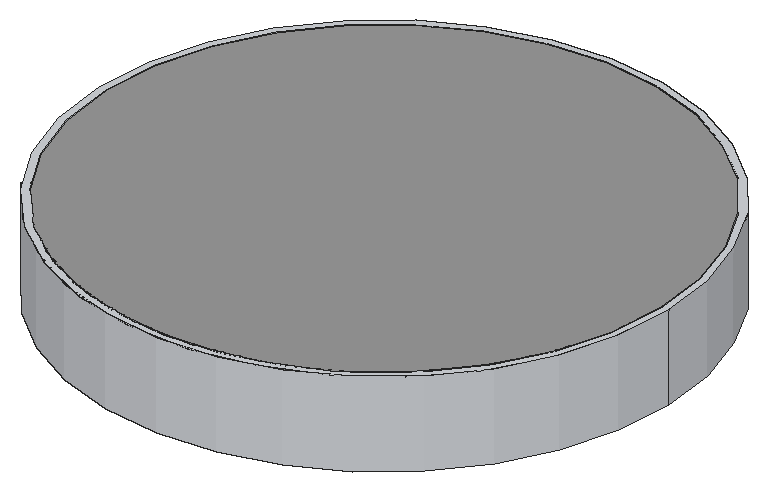
Revit family "2071136", category Lighting Fixtures, host Face, Revit 2018
Family settings
  Host = Face
  Round Connector Dimension = Use Diameter
  Part Type = Normal
  OmniClass Number = 23.80.70.00
  OmniClass Title = Lighting
  Cut with Voids When Loaded = No
  Light Source = Yes
  Shared = No
  Room Calculation Point = No
Parameters (values of type "2071136 COLOSSAL 400 830 PR DIR+H WHT")
  iner diameter = 390 mm
  Weight = "n/a"
  Wattage Comments = ""
  Wattage = 30 W
  WarrantyStartDate [instance] = "n/a"
  WarrantyGuarantorParts = "n/a"
  WarrantyDurationUnit = "n/a"
  WarrantyDurationParts = ""
  WarrantyDescription = "http://www.sylvania-lighting.com"
  built-in parameter 1150110 = 1 (stored number, unit not read)
  Voltage = 230 V
  URL = "0.93"
  TypeName = "COLOSSAL 400mm 830 PRISM DIR+HAL WHITE"
  Type Image = <None>
  Type Comments = "n/a"
  built-in parameter 1114217 = 1 (stored number, unit not read)
  Tilt Angle = -90.00°
  built-in parameter 1150109 = 1 (stored number, unit not read)
  built-in parameter 1150134 = (empty or 0)
  built-in parameter 1150113 = 1 (stored number, unit not read)
  SerialNumber [instance] = "n/a"
  Photometric Web File = "2071136.ies"
  Material_3_SYL = LED-Sylvania
  PowerFactor = 0
  PowerConsumption = "Lighting"
  NominalLength = 400 mm
  NominalHeight = 93 mm
  NominalDepth = 400 mm
  Name = "COLOSSAL 400mm 830 PRISM DIR+HAL WHITE"
  ModelReference = Name  # "COLOSSAL 400mm 830 PRISM DIR+HAL WHITE"
  ModelNumber = "2071136"
  Model = Name  # "COLOSSAL 400mm 830 PRISM DIR+HAL WHITE"
  Material = "Feilo Sylvania"
  ManufacturerName = "120 lm/W"
  Manufacturer = ""
  LuminousEfficacy = ""
  built-in parameter 1150105 = 270.44 (stored number, unit not read)
  Lumens = 3398.4 lm
  LuminaireType = "0"
  built-in parameter 1150115 = 1 (stored number, unit not read)
  LightOutputRatio = "LED"
  built-in parameter 1150137 = (empty or 0)
  built-in parameter 1150139 = (empty or 0)
  LampsType = Lamp  # "n/a"
  LampNominalLuminous = "3000 K"
  LampMacAdamStep = "80"
  LampColourTemperature = "LED"
  LampColourRenderingIndex = "16500"
  built-in parameter 1150112 = 1 (stored number, unit not read)
  built-in parameter 1150114 = 1 (stored number, unit not read)
  Lamp = "n/a"
  Keynote = "n/a"
  InstallationDate [instance] = "n/a"
  InputVoltage = "0"
  InputNominalFrequency = "3000"
  built-in parameter 1150132 = (empty or 0)
  built-in parameter 1150102 = (empty or 0)
  built-in parameter 1150107 = 3000 (stored number, unit not read)
  built-in parameter 1150138 = (empty or 0)
  IngressProtection = "IfcLightFixtureType"
  ImpactProtectionIndex = "IfcLightFixtureType"
  built-in parameter 1150106 = 2.7044 (stored number, unit not read)
  IfcExportType = "IfcLightFixtureType"
  IfcExportAs = "Class I"
  Emit from Circle Diameter = 385 mm
  Emit Shape Visible in Rendering = no
  ElectricShockClassification = "120"
  built-in parameter 1150104 = 10.524 (stored number, unit not read)
  DocumentationLiterature = "http://www.sylvania-lighting.com/product/en-int/products/2071136"
  DimmingControlOptions = "n/a"
  Material_2_SYL = Polycarbonate_Sylvania_White
  Dimming Lamp Color Temperature Shift = <None>
  Description = "400mm diameter circular architectural luminaire, can be surface mounted or suspended. Powder coated aluminium housing (RAL9016) with PMMA prismatic diffuser. Direct/indirect (halo) light distribution, 1920lm luminuous flux, 16W system power, 120lm/W luminiaire efficacy. Constant current driver. Colour rendering index Ra >80, 3000K Warm White LED, chromaticity tolerance of 3-step MacAdam ellipse. IP40, IK03. 350mA drive current. UGR≤19. Electrical protection Class1, 220-240V. Reported lifetime 66k hours L90B10."
  Default Elevation = 1219.2 mm
  CreatedOn = "22/03/2022"
  CreatedBy = "@sylvania-lighting.com"
  Cost = 0
  Color Filter = 16777215
  built-in parameter 1114216 [instance] = (empty or 0)
  ClassificationValue = "EF_70_80"
  ClassificationName = "Uniclass2015"
  Material_1_SYL = Polycarbonate_Sylvania_Opal
  BarCode [instance] = "n/a"
  built-in parameter 1114218 = 1 (stored number, unit not read)
  built-in parameter 1150133 = 10 (stored number, unit not read)
  AssetType = "Fixed"
  AssetIdentifier [instance] = "n/a"
  Assembly Code = "D5020200"
  Apparent Load = 16 VA
  Material_4_SYL = none
Reference planes
  plane 1 "Center (Front/Back)": y = 0
  plane 2: z = 0
  plane 3 "Center (Left/Right)": x = 0
  plane 4: x = -200
  plane 5: x = 200
  plane 6: y = 200
  plane 7: y = -200
  plane 8: y = 236
  plane 9: y = -236
  plane 10: z = 93
  plane 11: y = 195
  plane 12: y = -195
  plane 13: y = 90.5
  plane 14: y = 144.5
  plane 15: through (52.25, 90.5, 1219.2) normal (0.866, 0.5, 0)
  plane 16: through (52.25, 90.5, 1219.2) normal (0.866, 0.5, 0)
  plane 17: through (63.706, 126.657, 1219.2) normal (0.866, 0.5, 0)
  plane 18: through (-104.5, 0, 1219.2) normal (-0.866, 0.5, 0)
  plane 19: through (-142.394, -9.633, 1219.2) normal (-0.866, 0.5, 0)
  plane 20: y = -90.5
  plane 21: y = -118.5
  plane 22: through (85.371, -141.133, 1219.2) normal (-0.866, 0.5, 0)
  plane 23: through (52.25, -90.5, 1219.2) normal (-0.866, 0.5, 0)
  plane 24: through (-161.658, 0, 1219.2) normal (0.866, 0.5, 0)
  plane 25: through (-172.12, 9.121, 1219.2) normal (0.866, 0.5, 0)
  plane 26: through (-104.5, 0, 1219.2) normal (0.866, 0.5, 0)
Forms (mm)
  Extrusion 1, solid, detail levels medium+fine
    sketch origin (0, 0, 0) x (1, 0, 0) y (0, 1, 0)
      loop
        circle (0, 0) r 200
    from 33.023 to 93
  Extrusion 2, void
    sketch origin (0, 0, 0) x (1, 0, 0) y (0, 1, 0)
      loop
        circle (0, 0) r 195
    from 93 to 37.292
  Extrusion 3, solid, material "Glass, White, High Luminance", detail levels fine
    sketch origin (0, 0, 0) x (1, 0, 0) y (0, 1, 0)
      loop
        circle (0, 0) r 195
    from 88.026 to 93
  Extrusion 4, solid, detail levels coarse
    sketch origin (0, 0, 0) x (1, 0, 0) y (0, 1, 0)
      loop
        line (-200, 200) -> (-200, -200) -> (200, -200) -> (200, 200) -> (-200, 200)
    from 0 to 93
  Blend 5, solid, detail levels medium+fine
    base sketch origin (0, 0, 0) x (1, 0, 0) y (0, 1, 0)
      loop
        line (-52.25, 90.5) -> (-104.5, 0) -> (-52.25, -90.5) -> (52.25, -90.5) -> (104.5, 0) -> (52.25, 90.5) -> (-52.25, 90.5)
    top sketch origin (0, 0, 0) x (1, 0, 0) y (0, 1, 0)
      loop
        line (-53.405, 144.5) -> (-149.245, -21.5) -> (-93.242, -118.5) -> (98.438, -118.5) -> (151.843, -26) -> (53.405, 144.5) -> (-53.405, 144.5)
    from 0 to 33.023
Cuts and joins
  Extrusion 2 cuts Extrusion 1
Dimensions and locks
  "NominalDepth": plane 6 to plane 7
  "NominalLength": plane 4 to plane 5
  equal spacing: plane 4, plane 3 "Center (Left/Right)", plane 5
  "iner diameter": plane 11 to plane 12
  equal spacing: plane 11, plane 1 "Center (Front/Back)", plane 12
  equal spacing: plane 6, plane 1 "Center (Front/Back)", plane 7
  "NominalHeight": plane 10 to level
  plane 19 to plane 18 = 28 mm
  radius of Extrusion 2 sketch curve = 195 mm
  aligned and locked: plane 2 to host face
  aligned and locked: level to host face
Automatic sketch dimensions
  host sketch curve to host sketch curve = 2438.4 mm  (x2)
  plane 1 "Center (Front/Back)" to Extrusion 1 sketch curve = 0 mm
  Extrusion 1 sketch curve to plane 3 "Center (Left/Right)" = 0 mm
  plane 1 "Center (Front/Back)" to Extrusion 2 sketch curve = 0 mm
  Extrusion 2 sketch curve to plane 3 "Center (Left/Right)" = 0 mm
  plane 1 "Center (Front/Back)" to Extrusion 3 sketch curve = 0 mm
  Extrusion 3 sketch curve to plane 3 "Center (Left/Right)" = 0 mm
  Extrusion 4 sketch curve to plane 4 = 0 mm
  Extrusion 4 sketch curve to plane 5 = 0 mm
  Extrusion 4 sketch curve to plane 7 = 0 mm
  Extrusion 4 sketch curve to plane 6 = 0 mm
  Blend 5 sketch curve to plane 19 = 0 mm  (x2)
  Blend 5 sketch curve to plane 24 = 0 mm  (x2)
  Blend 5 sketch curve to plane 21 = 0 mm
  Blend 5 sketch curve to plane 14 = 0 mm
  Blend 5 sketch curve to plane 17 = 0 mm  (x2)
  Blend 5 sketch curve to plane 22 = 0 mm  (x2)
  radius of Extrusion 1 sketch curve = 200 mm
  radius of Extrusion 3 sketch curve = 195 mm
Connectors
  electrical at (0, 0, 0), driven by "Apparent Load", driven by "PowerFactor", driven by "Voltage"
    settings: index 1, voltage 230 V, apparent load 16 VA, apparent load phase1 0 VA, apparent load phase2 0 VA, apparent load phase3 0 VA, power factor 0, load classification "Lighting", number of poles 1, system type 30, power factor state 1, is connector primary yes, connector utility no, sub classification motor no, connector description ""
